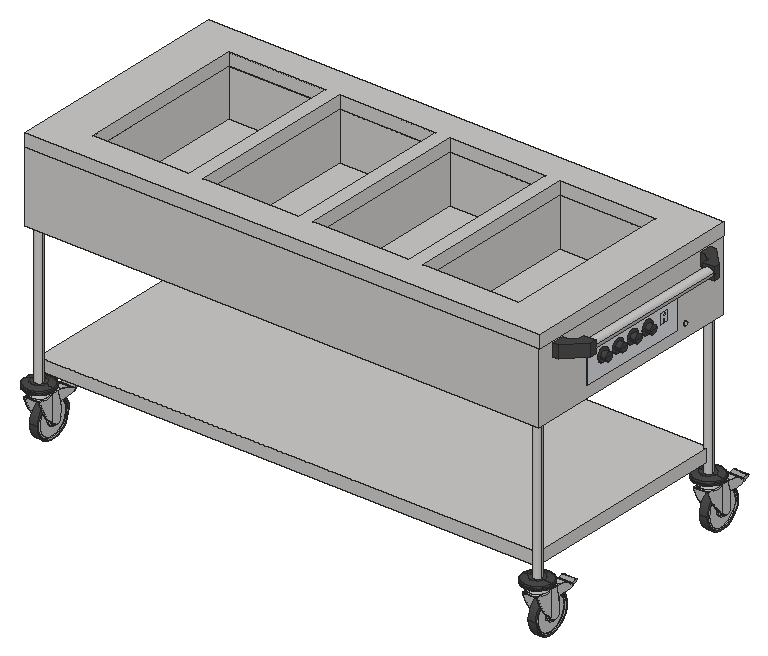
Revit family "QF_BOURGEAT_4GN_bain_marie mobile_sans_etuve_cuve_separees", category Equipement spécialisé, Revit 2015
Parameters (values of type "commandes_petit_cote")
  lg_barre_transport = 635 mm
  commande_petit_cote = yes
  commande_grand_cote = no
  URL catalogue = "http://www.bourgeat.fr"
  URL = ""
  Type de Raccord Electrique = ""
  Type article = ""
  Tension = 230 V
  Spécification du Fabricant = "bain-marie mobiles"
  Remarques Plomberie = ""
  Remarques Electricité = ""
  Puissance électrique  = 2800 W
  Profondeur hors tout = 691 mm
  Poids net à vide = 75.00 kg
  Phase = 2
  Nature isolant = "30mm laine de roche"
  Modèle = "872014"
  Longueur hors tout = 1663 mm
  Intensité nominale = 12.1739 A
  Indice de protection = "33"
  Hauteur hors tout = 900 mm
  Fréquence = 50 Hz
  Fabricant = "BOURGEAT"
  Diamètre de Raccordement Evacuation = 26.7 mm
  Contact SAV = "0033(0)4.76.32.14.44"
  Charge max = 120.00 kg
Types (3, lengths in mm): name | lg_barre_transport | commande_petit_cote | commande_grand_cote | Profondeur hors tout | Poids net à vide | Modèle | Longueur hors tout | Charge max
  (no name) | 635 | yes | no | 691 | 75.00 kg | "872014" | 1663 | 120.00 kg
  commandes_petit_cote | 635 | yes | no | 691 | 75.00 kg | "872014" | 1663 | 120.00 kg
  commande_grand_cote | 566 | no | yes | 747 | 120.00 kg | "872314" | 1608 | 70.00 kg
Reference planes
  plane 1 "Centre (avant/arrière)": y = 0
  plane 2: z = 0
  plane 3 "Centre (gauche/droite)": x = 0
  plane 4: z = 856
  plane 5: z = 797.5
Forms (mm)
  Extrusion 1, solid, visible <- "commande_grand_cote"
    sketch origin (0, 0, 0) x (1, 0, 0) y (0, 0, 1)
      loop
        circle (566.935, 674.981) r 5
    from 373.5 to 371.5
  Extrusion 2, solid, visible <- "commande_petit_cote"
    sketch origin (0, 0, 0) x (0, 1, 0) y (0, 0, 1)
      loop
        circle (215.209, 678.348) r 5
    from 831.5 to 835.744
Dimensions and locks
  nested 5 to nested 3 = 291.5 mm
  aligned and locked: level to plane 2
  aligned and locked: plane 4 to nested 1
  aligned and locked: plane 1 "Centre (avant/arrière)" to nested 1
  aligned and locked: nested 1 to nested 2
  aligned and locked: nested 2 to plane 5
  aligned and locked: plane 5 to nested 3
  aligned and locked: nested 1 to nested 4
  aligned and locked: nested 6 to nested 4
  aligned and locked: nested 1 to nested 6
  aligned and locked: nested 3 to Extrusion 1
  aligned and locked: nested 1 to Extrusion 2
Nested families
  nested 1: "supports+barre_transport" at (831.5, 0, 816) x (0, -1, 0) z (0, 0, 1), visible <- "commande_petit_cote", type "supports+barre_transport"
  nested 2: "interface" at (833.5, 0, 735.5) x (0, 1, 0) z (0, 0, 1), visible <- "commande_petit_cote", type "interface"
  nested 3: "interface" at (358, -373.5, 735.5), visible <- "commande_grand_cote", type "interface"
  nested 4: "4GN_cuve_separée" at (0, 0, 862.5), type "4GN_cuve_separée"
    with longueur 1663 mm
  nested 5: "4GN_chariot" at (0, 0, 0), type "4GN_chariot"
  nested 6: "supports+barre_transport_grand_cote_GN4" at (0, -371.5, 816) x (-1, 0, 0) z (0, 0, 1), visible <- "commande_grand_cote", type "supports+barre_transport_grand_cote_GN4"
    with lg_barre_transport 1326 mm, lg_barre 1206 mm
Connectors
  electrical at (566.935, -373.5, 674.981), driven by "Tension"
    settings: on Extrusion 1, index 1, voltage 230 V, apparent load 0 VA, apparent load phase1 2800 VA, apparent load phase2 0 VA, apparent load phase3 0 VA, power factor 1, load classification "Autre", number of poles 1, system type 30, power factor state 1, is connector primary yes, connector utility no, sub classification motor no, connector description ""
  electrical at (835.744, 215.209, 678.348), driven by "Tension"
    settings: on Extrusion 2, index 2, voltage 230 V, apparent load 0 VA, apparent load phase1 2800 VA, apparent load phase2 0 VA, apparent load phase3 0 VA, power factor 1, load classification "Autre", number of poles 1, system type 30, power factor state 1, is connector primary no, connector utility no, sub classification motor no, connector description ""
  piping at (532.5, 226.5, 633), diameter 20
    settings: on nested 5, index 3, connector inside diameter 609.6 mm, connector length 0 mm, flow factor 0, pipe flow 0.0 L/s, pressure drop 0.0 Pa, fitting loss kfactor 0, connector angle 0.00°, fixture units 0, engagement length 0 mm, angle of deflection 0.00°, flow configuration 0, flow direction 2, fitting loss method 0, system type 19, joint type 0, gender type 0, connector reference index -1, connector utility 0, adjustable connector no, is connector primary yes, connector description ""
  piping at (177.5, 226.5, 633), diameter 20
    settings: on nested 5, index 4, connector inside diameter 609.6 mm, connector length 0 mm, flow factor 0, pipe flow 0.0 L/s, pressure drop 0.0 Pa, fitting loss kfactor 0, connector angle 0.00°, fixture units 0, engagement length 0 mm, angle of deflection 0.00°, flow configuration 0, flow direction 2, fitting loss method 0, system type 19, joint type 0, gender type 0, connector reference index -1, connector utility 0, adjustable connector no, is connector primary no, connector description ""
  piping at (-177.5, 226.5, 633), diameter 20
    settings: on nested 5, index 5, connector inside diameter 609.6 mm, connector length 0 mm, flow factor 0, pipe flow 0.0 L/s, pressure drop 0.0 Pa, fitting loss kfactor 0, connector angle 0.00°, fixture units 0, engagement length 0 mm, angle of deflection 0.00°, flow configuration 0, flow direction 2, fitting loss method 0, system type 19, joint type 0, gender type 0, connector reference index -1, connector utility 0, adjustable connector no, is connector primary no, connector description ""
  piping at (-532.5, 226.5, 633), diameter 20
    settings: on nested 5, index 6, connector inside diameter 609.6 mm, connector length 0 mm, flow factor 0, pipe flow 0.0 L/s, pressure drop 0.0 Pa, fitting loss kfactor 0, connector angle 0.00°, fixture units 0, engagement length 0 mm, angle of deflection 0.00°, flow configuration 0, flow direction 2, fitting loss method 0, system type 19, joint type 0, gender type 0, connector reference index -1, connector utility 0, adjustable connector no, is connector primary no, connector description ""
Definition of nested family "supports+barre_transport"
  Parameters (values of type "supports+barre_transport")
    lg_barre_transport = 635 mm
    lg_barre = lg_barre_transport - 120 mm  # 515 mm
  Reference planes
    plane 1 "Centre (avant/arrière)": y = 0
    plane 2: z = 0
    plane 3 "Centre (gauche/droite)": x = 0
    plane 4: x = -317.5
    plane 5: x = 317.5
    plane 6: y = 57.5
  Dimensions and locks
    "lg_barre_transport": plane 4 to plane 5
    equal spacing: plane 4, plane 3 "Centre (gauche/droite)", plane 5
    aligned and locked: level to plane 2
    aligned and locked: nested 1 to plane 4
    aligned and locked: plane 6 to nested 1
    aligned and locked: nested 3 to plane 6
    aligned and locked: nested 2 to plane 5
    aligned and locked: nested 3 to plane 3 "Centre (gauche/droite)"
    aligned and locked: nested 3 to nested 1
  Nested families
    nested 1: "support barre" at (-317.5, 0, 0), type "support barre"
    nested 2: "support barre" at (317.5, 0, 0) x (-1, 0, 0) z (0, 0, 1), type "support barre"
    nested 3: "barre" at (-257.5, 57.5, 20) x (0, 1, 0) z (0, 0, 1), type "barre"
  Definition of nested family "support barre"
    Reference planes
      plane 1 "Centre (avant/arrière)": y = 0
      plane 2: z = 0
      plane 3 "Centre (gauche/droite)": x = 0
      plane 4: y = 76
      plane 5: x = 78
      plane 6: y = 19
      plane 7: x = 60
      plane 8: through (0, 19, 1200) normal (-0.6887, 0.725, 0)
      plane 9: x = 40
      plane 10: z = 40
      plane 11: y = 57.5
      plane 12: z = 20
    Forms (mm)
      Extrusion 1, solid
        sketch origin (0, 0, 0) x (1, 0, 0) y (0, 1, 0)
          loop
            line (0, 0) -> (40, 0) -> (40, 19) -> (60, 39) -> (78, 39) -> (78, 76) -> (60, 76) -> (0, 19) -> (0, 0)
        from 0 to 40
      Extrusion 2, void
        sketch origin (0, 0, 0) x (0, 1, 0) y (0, 0, 1)
          loop
            circle (57.5, 20) r 15
        from 60 to 250
    Cuts and joins
      Extrusion 2 cuts Extrusion 1
    Dimensions and locks
      plane 1 "Centre (avant/arrière)" to plane 4 = 76 mm
      plane 3 "Centre (gauche/droite)" to plane 5 = 78 mm
      aligned and locked: level to plane 2
      aligned and locked: plane 10 to Extrusion 1
      aligned and locked: plane 12 to Extrusion 2 sketch curve
      aligned and locked: Extrusion 2 to plane 7
  Definition of nested family "barre"
    Parameters (values of type "barre")
      lg_barre = 515 mm
    Reference planes
      plane 1 "Centre (avant/arrière)": y = 0
      plane 2: z = 0
      plane 3 "Centre (gauche/droite)": x = 0
      plane 4: y = -515
      plane 5: y = -257.5
    Forms (mm)
      Extrusion 1, solid
        sketch origin (0, 0, 0) x (1, 0, 0) y (0, 0, 1)
          loop
            circle (0, 0) r 15
        from 0 to 515
    Dimensions and locks
      "lg_barre": plane 4 to plane 1 "Centre (avant/arrière)"
      equal spacing: plane 4, plane 5, plane 1 "Centre (avant/arrière)"
      aligned and locked: level to plane 2
      aligned and locked: Extrusion 1 to plane 4
    Automatic sketch dimensions
      Extrusion 1 sketch curve to level = 0 mm
      Extrusion 1 sketch curve to plane 3 "Centre (gauche/droite)" = 0 mm
      radius of Extrusion 1 sketch curve = 15 mm
Definition of nested family "interface"
  Reference planes
    plane 1 "Centre (avant/arrière)": y = 0
    plane 2: z = 0
    plane 3 "Centre (gauche/droite)": x = 0
    plane 4: x = 180
    plane 5: x = -180
    plane 6: z = 62
    plane 7: z = -62
    plane 8: x = -119
    plane 9: x = -59
    plane 10: x = 138
    plane 11: x = 113
    plane 12: z = 15.5
    plane 13: z = -15.5
    plane 14: y = 2
    plane 15: x = 60
  Forms (mm)
    Extrusion 1, solid
      sketch origin (0, 0, 0) x (1, 0, 0) y (0, 0, 1)
        loop
          line (-180, 62) -> (-180, -62) -> (180, -62) -> (180, 62) -> (-180, 62)
      from 0 to -2
  Dimensions and locks
    plane 14 to plane 1 "Centre (avant/arrière)" = 2 mm
    plane 9 to plane 8 = 60 mm
    aligned and locked: level to plane 2
    aligned and locked: Extrusion 1 sketch curve to plane 6
    aligned and locked: Extrusion 1 sketch curve to plane 5
    aligned and locked: Extrusion 1 sketch curve to plane 7
    aligned and locked: Extrusion 1 sketch curve to plane 4
    aligned and locked: Extrusion 1 to plane 14
    aligned and locked: nested 1 to plane 1 "Centre (avant/arrière)"
    aligned and locked: nested 1 to plane 10
    aligned and locked: plane 12 to nested 1
    aligned and locked: nested 2 to Extrusion 1
    aligned and locked: nested 3 to Extrusion 1
    aligned and locked: nested 3 to plane 9
    aligned and locked: nested 4 to plane 3 "Centre (gauche/droite)"
    aligned and locked: plane 15 to nested 5
  Nested families
    nested 1: "switch" at (125.5, 0, -15.5) x (-1, 0, 0) z (0, 0, 1), type "switch"
    nested 2: "bouton_rond" at (-119, 0, 0) x (-1, 0, 0) z (0, 0, 1), type "bouton_rond"
    nested 3: "bouton_rond" at (-59, 0, 0) x (-1, 0, 0) z (0, 0, 1), type "bouton_rond"
    nested 4: "bouton_rond" at (0, 0, 0) x (-1, 0, 0) z (0, 0, 1), type "bouton_rond"
    nested 5: "bouton_rond" at (60, 0, 0) x (-1, 0, 0) z (0, 0, 1), type "bouton_rond"
  Definition of nested family "switch"
    Reference planes
      plane 1 "Centre (avant/arrière)": y = 0
      plane 2: z = 0
      plane 3 "Centre (gauche/droite)": x = 0
      plane 4: y = 5
      plane 5: y = 1
      plane 6: z = 31
      plane 7: x = 12.5
      plane 8: x = -12.5
      plane 9: z = 25.177
    Forms (mm)
      Extrusion 1, solid
        sketch origin (0, 0, 0) x (0, 1, 0) y (0, 0, 1)
          loop
            line (0, 0) -> (1, 0) -> (2.152, 31) -> (0, 31) -> (0, 0)
        from -12.5 to 12.5
      Extrusion 2, solid
        sketch origin (0, 0, 4.291) x (1, 0, 0) y (0, 0, 1)
          loop
            circle (0, 20.886) r 3.186
          loop
            line (1.701, -1.363) -> (1.701, 7.758) -> (-1.378, 7.758) -> (-1.378, -1.363) -> (1.701, -1.363)
        from 0 to -2.244
    Dimensions and locks
      plane 6 to plane 2 = 31 mm
      aligned and locked: level to plane 2
      aligned and locked: plane 5 to Extrusion 1 sketch curve
      aligned and locked: plane 6 to Extrusion 1
      aligned and locked: plane 8 to Extrusion 1
      aligned and locked: plane 7 to Extrusion 1
      aligned and locked: plane 3 "Centre (gauche/droite)" to Extrusion 2 sketch curve
      aligned and locked: plane 9 to Extrusion 2
  Definition of nested family "bouton_rond"
    Reference planes
      plane 1 "Centre (avant/arrière)": y = 0
      plane 2: z = 0
      plane 3 "Centre (gauche/droite)": x = 0
      plane 4: y = 2
      plane 5: y = 21
      plane 6: x = -21.5
      plane 7: x = -12.5
    Forms (mm)
      Revolve 1, solid
        sketch origin (0, 0, 0) x (1, 0, 0) y (0, 1, 0)
          loop
            line (0, 0) -> (0, 21) -> (-12.5, 21) -> (-12.5, 2) -> (-21.5, 2) -> (-21.5, 0) -> (0, 0)
          axis (0, 21) -> (0, 0)
        angle from 0 to 360
    Dimensions and locks
      aligned and locked: level to plane 2
Definition of nested family "4GN_cuve_separée"
  Parameters (values of type "4GN_cuve_separée")
    longueur = 1560 mm
    largeur = 743 mm
  Reference planes
    plane 1 "Centre (avant/arrière)": y = 0
    plane 2: z = 0
    plane 3 "Centre (gauche/droite)": x = 0
    plane 4: x = 780
    plane 5: x = -780
    plane 6: y = 371.5
    plane 7: y = -371.5
    plane 8: x = -332
    plane 9: x = 688
    plane 10: x = -22
    plane 11: x = 378
    plane 12: y = 276
    plane 13: y = -276
    plane 14: x = -355
    plane 15: x = 533
    plane 16: z = 40
    plane 17: z = -170
    plane 18: y = 226.5
    plane 19: y = -287
    plane 20: x = 697
    plane 21: x = -12
    plane 22: x = 178
    plane 23: x = 333
    plane 24: x = 23
    plane 25: x = 342
    plane 26: x = -341
    plane 27: x = -177
    plane 28: x = -532.502
    plane 29: x = -697.002
  Forms (mm)
    Extrusion 1, solid
      sketch origin (0, 0, 0) x (1, 0, 0) y (0, 1, 0)
        loop
          line (-780, 371.5) -> (-780, -371.5) -> (780, -371.5) -> (780, 371.5) -> (-780, 371.5)
        loop
          line (-285.767, 276) -> (-285.767, -276) -> (-200, -276) -> (-200, 276) -> (-285.767, 276)
        loop
          line (378, -276) -> (688, -276) -> (688, 276) -> (378, 276) -> (378, -276)
        loop
          line (23, -276) -> (155, -276) -> (155, 276) -> (23, 276) -> (23, -276)
      from 0 to 40
    Extrusion 2, solid
      sketch origin (15.873, -2.105, 0) x (1, 0, 0) y (0, 1, 0)
        loop
          line (-356.873, 289.21) -> (-356.873, -284.895) -> (-27.873, -284.895) -> (-27.873, 289.21) -> (-356.873, 289.21)
        loop
          line (354.24, 287.105) -> (354.24, -284.895) -> (681.127, -284.895) -> (681.127, 287.105) -> (354.24, 287.105)
        loop
          line (-1.873, 287.105) -> (-1.873, -284.895) -> (326.127, -284.895) -> (326.127, 287.105) -> (-1.873, 287.105)
        loop
          line (-712.875, 289.21) -> (-712.875, -284.895) -> (-382.875, -284.895) -> (-382.875, 289.21) -> (-712.875, 289.21)
      from 0 to -170
    Extrusion 3, void
      sketch origin (0, 0, 0) x (1, 0, 0) y (0, 1, 0)
        loop
          line (-332, 276) -> (-332, -276) -> (-22, -276) -> (-22, 276) -> (-332, 276)
        loop
          line (378, 276) -> (378, -276) -> (688, -276) -> (688, 276) -> (378, 276)
        loop
          line (23, 276) -> (23, -276) -> (333, -276) -> (333, 276) -> (23, 276)
        loop
          line (-688.002, 276) -> (-688.002, -276) -> (-377.002, -276) -> (-377.002, 276) -> (-688.002, 276)
      from 76.929 to -155.016
    Extrusion 4, void
      sketch origin (0, 0, 0) x (1, 0, 0) y (0, 1, 0)
        loop
          circle (-532.502, 226.5) r 25
        loop
          circle (533, 226.5) r 25
        loop
          circle (-177, 226.5) r 25
        loop
          circle (178, 226.5) r 25
      from -346.977 to 250
  Cuts and joins
    Extrusion 3 cuts Extrusion 1
    Extrusion 3, Extrusion 4 cuts Extrusion 2
  Dimensions and locks
    "largeur": plane 6 to plane 7
    "longueur": plane 5 to plane 4
    equal spacing: plane 5, plane 3 "Centre (gauche/droite)", plane 4
    equal spacing: plane 6, plane 1 "Centre (avant/arrière)", plane 7
    locked: plane 8 to plane 10 at 310
    Extrusion 2 sketch curve to plane 13 = 11 mm
    locked: cut or joined group of Extrusion 2, Extrusion 3, Extrusion 4 to plane 12 at 11.105
    locked: plane 19 to cut or joined group of Extrusion 1, Extrusion 3 at 11
    locked: plane 9 to plane 20 at 9
    plane 3 "Centre (gauche/droite)" to plane 15 = 533 mm
    locked: plane 15 to plane 9 at 155
    plane 11 to plane 9 = 310 mm
    plane 24 to plane 23 = 310 mm
    plane 3 "Centre (gauche/droite)" to plane 22 = 178 mm
    cut or joined group of Extrusion 2, Extrusion 3, Extrusion 4 to plane 24 = 9 mm
    locked: plane 23 to plane 25 at 9
    locked: plane 23 to plane 11 at 45
    plane 26 to plane 8 = 9 mm
    plane 27 to plane 3 "Centre (gauche/droite)" = 177 mm
    plane 28 to plane 3 "Centre (gauche/droite)" = 532.502 mm
    plane 10 to plane 24 = 45 mm
    equal spacing: cut or joined group of Extrusion 1, Extrusion 3, plane 28, cut or joined group of Extrusion 1, Extrusion 3
    equal spacing: cut or joined group of Extrusion 1, Extrusion 3, plane 27, cut or joined group of Extrusion 1, Extrusion 3
    equal spacing: cut or joined group of Extrusion 1, Extrusion 3, plane 22, cut or joined group of Extrusion 1, Extrusion 3
    equal spacing: cut or joined group of Extrusion 1, Extrusion 3, plane 15, cut or joined group of Extrusion 1, Extrusion 3
    cut or joined group of Extrusion 1, Extrusion 3 to cut or joined group of Extrusion 1, Extrusion 3 = 311 mm
    plane 29 to cut or joined group of Extrusion 1, Extrusion 3 = 9 mm
    cut or joined group of Extrusion 1, Extrusion 3 to plane 18 = 145 mm
    aligned and locked: level to plane 2
    aligned and locked: Extrusion 1 to plane 16
    aligned and locked: Extrusion 1 sketch curve to plane 12  (x2)
    aligned and locked: Extrusion 1 sketch curve to plane 13
    aligned and locked: plane 13 to Extrusion 1 sketch curve
    aligned and locked: Extrusion 1 sketch curve to plane 11
    aligned and locked: Extrusion 1 sketch curve to plane 9
    aligned and locked: Extrusion 2 to plane 17
    aligned and locked: plane 2 to Extrusion 2
    aligned and locked: Extrusion 3 sketch curve to plane 12
    aligned and locked: plane 8 to Extrusion 3 sketch curve
    aligned and locked: Extrusion 3 sketch curve to Extrusion 1  (x2)
    aligned and locked: plane 10 to Extrusion 3 sketch curve
    aligned and locked: plane 11 to Extrusion 3 sketch curve
    aligned and locked: Extrusion 3 sketch curve to plane 13
    aligned and locked: plane 9 to Extrusion 3 sketch curve
    aligned and locked: plane 19 to cut or joined group of Extrusion 2, Extrusion 3, Extrusion 4  (x3)
    aligned and locked: cut or joined group of Extrusion 1, Extrusion 3 to plane 12
    aligned and locked: plane 20 to cut or joined group of Extrusion 2, Extrusion 3, Extrusion 4
    aligned and locked: Extrusion 2 sketch curve to plane 21
    aligned and locked: plane 18 to Extrusion 4 sketch curve  (x3)
    aligned and locked: plane 23 to cut or joined group of Extrusion 1, Extrusion 3
    aligned and locked: plane 23 to cut or joined group of Extrusion 2, Extrusion 3, Extrusion 4
    aligned and locked: cut or joined group of Extrusion 1, Extrusion 3 to plane 23  (x4)
    aligned and locked: cut or joined group of Extrusion 1, Extrusion 3 to plane 24
    aligned and locked: plane 24 to cut or joined group of Extrusion 2, Extrusion 3, Extrusion 4
    aligned and locked: plane 25 to cut or joined group of Extrusion 2, Extrusion 3, Extrusion 4
    aligned and locked: cut or joined group of Extrusion 2, Extrusion 3, Extrusion 4 to plane 26
    aligned and locked: plane 28 to Extrusion 4 sketch curve
    aligned and locked: plane 27 to Extrusion 4 sketch curve
    aligned and locked: plane 22 to Extrusion 4 sketch curve
    aligned and locked: cut or joined group of Extrusion 2, Extrusion 3, Extrusion 4 to plane 29
  Automatic sketch dimensions
    Extrusion 1 sketch curve to plane 5 = 0 mm
    plane 8 to Extrusion 1 sketch curve = 46.233 mm
    plane 10 to Extrusion 1 sketch curve = 178 mm
    Extrusion 1 sketch curve to plane 12 = 0 mm
    plane 13 to Extrusion 1 sketch curve = 0 mm
    Extrusion 1 sketch curve to plane 4 = 0 mm
    Extrusion 1 sketch curve to plane 7 = 0 mm
    Extrusion 1 sketch curve to plane 6 = 0 mm
    plane 21 to Extrusion 1 sketch curve = 35 mm
    Extrusion 1 sketch curve to plane 11 = 223 mm
    Extrusion 2 sketch curve to plane 19 = 0 mm
    Extrusion 2 sketch curve to plane 26 = 0 mm
    plane 19 to Extrusion 2 sketch curve = 0 mm  (x2)
    Extrusion 2 sketch curve to plane 25 = 0 mm
    Extrusion 2 sketch curve to plane 20 = 0 mm
    plane 14 to Extrusion 2 sketch curve = 12.002 mm
    plane 12 to Extrusion 2 sketch curve = 11.105 mm  (x2)
    Extrusion 2 sketch curve to plane 5 = 82.998 mm
    plane 24 to Extrusion 2 sketch curve = 9 mm
    Extrusion 2 sketch curve to plane 11 = 7.887 mm
    plane 12 to Extrusion 2 sketch curve = 9 mm  (x2)
    Extrusion 3 sketch curve to plane 12 = 0 mm  (x2)
    Extrusion 3 sketch curve to plane 13 = 0 mm
    Extrusion 3 sketch curve to plane 24 = 0 mm
    Extrusion 3 sketch curve to plane 23 = 0 mm
    plane 13 to Extrusion 3 sketch curve = 0 mm
    plane 14 to Extrusion 3 sketch curve = 22.002 mm
    Extrusion 3 sketch curve to plane 5 = 91.998 mm
    Extrusion 4 sketch curve to plane 15 = 0 mm
    plane 18 to Extrusion 4 sketch curve = 0 mm
    radius of Extrusion 4 sketch curve = 25 mm  (x4)
Definition of nested family "4GN_chariot"
  Parameters (values of type "4GN_chariot")
    longueur = 1659 mm
    largeur = 743 mm
  Reference planes
    plane 1 "Centre (avant/arrière)": y = 0
    plane 2: z = 0
    plane 3 "Centre (gauche/droite)": x = 0
    plane 4: x = 804.5
    plane 5: x = -804.5
    plane 6: y = 345.5
    plane 7: y = -345.5
    plane 8: z = 182
    plane 9: z = 633
    plane 10: y = 371.5
    plane 11: y = -371.5
    plane 12: x = 829.5
    plane 13: x = -829.5
    plane 14: z = 862.5
    plane 15: z = 212
    plane 16: z = 252
    plane 17: y = 226.5
    plane 18: z = 692.5
    plane 19: x = -532.5
    plane 20: x = -177.5
    plane 21: x = 177.5
    plane 22: x = 532.5
  Forms (mm)
    Extrusion 1, solid
      sketch origin (0, 0, 0) x (1, 0, 0) y (0, 1, 0)
        loop
          circle (-804.5, 345.5) r 12.5
        loop
          circle (-804.5, -345.5) r 12.5
        loop
          circle (804.5, -345.5) r 12.5
        loop
          circle (804.5, 345.5) r 12.5
      from 182 to 633
    Extrusion 2, solid
      sketch origin (0, 0, 0) x (1, 0, 0) y (0, 1, 0)
        loop
          line (-829.5, 371.5) -> (-829.5, -371.5) -> (829.5, -371.5) -> (829.5, 371.5) -> (-829.5, 371.5)
      from 633 to 862.5
    Extrusion 3, void
      sketch origin (0, 0, 0) x (1, 0, 0) y (0, 1, 0)
        loop
          line (-804.5, 345.5) -> (-804.5, -345.5) -> (804.5, -345.5) -> (804.5, 345.5) -> (-804.5, 345.5)
      from 692.5 to 959.473
    Extrusion 4, solid
      sketch origin (0, 0, 0) x (1, 0, 0) y (0, 1, 0)
        loop
          arc (-804.5, -333) -> (-795.661, -336.661) -> (-792, -345.5) r 12.5
          line (-792, -345.5) -> (792, -345.5)
          arc (792, -345.5) -> (795.661, -336.661) -> (804.5, -333) r 12.5
          line (804.5, -333) -> (804.5, 333)
          arc (804.5, 333) -> (795.661, 336.661) -> (792, 345.5) r 12.5
          line (792, 345.5) -> (-792, 345.5)
          arc (-792, 345.5) -> (-795.661, 336.661) -> (-804.5, 333) r 12.5
          line (-804.5, 333) -> (-804.5, -333)
      from 212 to 252
    Extrusion 5, void
      sketch origin (0, 0, 0) x (1, 0, 0) y (0, 1, 0)
        loop
          circle (-532.5, 226.5) r 25
        loop
          circle (532.5, 226.5) r 25
        loop
          circle (-177.5, 226.5) r 25
        loop
          circle (177.5, 226.5) r 25
      from 527.563 to 948.643
  Cuts and joins
    Extrusion 3 cuts Extrusion 1
    Extrusion 3, Extrusion 5 cuts Extrusion 2
    Extrusion 5 cuts Extrusion 4
  Dimensions and locks
    "largeur": plane 10 to plane 11
    equal spacing: plane 10, plane 1 "Centre (avant/arrière)", plane 11
    equal spacing: plane 13, plane 3 "Centre (gauche/droite)", plane 12
    "longueur": plane 13 to plane 12
    plane 10 to plane 17 = 145 mm
    plane 14 to plane 18 = 170 mm
    locked: plane 13 to plane 5 at 25
    locked: plane 4 to plane 12 at 25
    locked: plane 10 to plane 6 at 26
    locked: plane 11 to plane 7 at 26
    plane 13 to plane 19 = 297 mm
    plane 22 to cut or joined group of Extrusion 2, Extrusion 3, Extrusion 5 = 297 mm
    locked: plane 21 to plane 22 at 355
    locked: plane 20 to plane 21 at 355
    locked: plane 19 to plane 20 at 355
    plane 19 to plane 3 "Centre (gauche/droite)" = 532.5 mm
    plane 20 to plane 3 "Centre (gauche/droite)" = 177.5 mm
    aligned and locked: level to plane 2
    aligned and locked: Extrusion 1 to plane 9
    aligned and locked: Extrusion 1 to plane 8
    aligned and locked: Extrusion 2 sketch curve to plane 11
    aligned and locked: Extrusion 2 sketch curve to plane 12
    aligned and locked: Extrusion 2 sketch curve to plane 13
    aligned and locked: Extrusion 2 sketch curve to plane 10
    aligned and locked: Extrusion 2 to plane 14
    aligned and locked: Extrusion 2 to plane 9
    aligned and locked: nested 1 to Extrusion 3 sketch curve
    aligned and locked: Extrusion 3 sketch curve to plane 5
    aligned and locked: Extrusion 3 sketch curve to nested 3
    aligned and locked: Extrusion 3 sketch curve to plane 4
    aligned and locked: Extrusion 4 sketch curve to plane 6
    aligned and locked: Extrusion 4 sketch curve to plane 5
    aligned and locked: Extrusion 4 sketch curve to plane 7
    aligned and locked: Extrusion 4 sketch curve to plane 4
    aligned and locked: Extrusion 4 to plane 16
    aligned and locked: Extrusion 4 to plane 15
    aligned and locked: cut or joined group of Extrusion 2, Extrusion 3, Extrusion 5 to plane 18
    aligned and locked: nested 1 to plane 5
    aligned and locked: nested 4 to plane 5
    aligned and locked: plane 4 to nested 2
    aligned and locked: plane 4 to nested 3
    aligned and locked: plane 17 to Extrusion 5 sketch curve  (x4)
    aligned and locked: plane 10 to cut or joined group of Extrusion 2, Extrusion 3, Extrusion 5  (x2)
    aligned and locked: cut or joined group of Extrusion 2, Extrusion 3, Extrusion 5 to plane 11
    aligned and locked: nested 1 to plane 6
    aligned and locked: nested 4 to plane 7
    aligned and locked: plane 7 to nested 3
    aligned and locked: plane 19 to Extrusion 5 sketch curve
    aligned and locked: plane 22 to Extrusion 5 sketch curve
    aligned and locked: Extrusion 5 sketch curve to plane 20
    aligned and locked: Extrusion 5 sketch curve to plane 21
    aligned and locked: nested 2 to plane 6
  Automatic sketch dimensions
    Extrusion 1 sketch curve to plane 5 = 0 mm  (x2)
    Extrusion 1 sketch curve to plane 4 = 0 mm  (x2)
    plane 7 to Extrusion 1 sketch curve = 0 mm  (x2)
    Extrusion 1 sketch curve to plane 6 = 0 mm  (x2)
    Extrusion 4 sketch curve to plane 5 = 12.5 mm
    Extrusion 4 sketch curve to plane 4 = 12.5 mm
    Extrusion 4 sketch curve to Extrusion 4 sketch curve = 12.5 mm  (x2)
    radius of Extrusion 1 sketch curve = 12.5 mm  (x4)
    radius of Extrusion 5 sketch curve = 25 mm  (x4)
  Nested families
    nested 1: "ROULETTE" at (-804.5, 345.5, 0), type "ROULETTE"
      with Sans frein yes, Avec frein yes
    nested 2: "ROULETTE" at (804.5, 345.5, 0), type "ROULETTE"
      with Sans frein yes, Avec frein yes
    nested 3: "ROULETTE" at (804.5, -345.5, 0), type "ROULETTE"
      with Sans frein yes, Avec frein yes
    nested 4: "ROULETTE" at (-804.5, -345.5, 0), type "ROULETTE"
      with Sans frein yes, Avec frein yes
  Definition of nested family "ROULETTE"
    Parameters (values of type "ROULETTE")
      Sans frein [instance] = yes
      Avec frein [instance] = yes
    Reference planes
      plane 1 "Centre (avant/arrière)": y = 0
      plane 2: z = 0
      plane 3 "Centre (gauche/droite)": x = 0
      plane 4: y = 40.851
      plane 5: z = 62.5
    Forms (mm)
      Extrusion 1, solid
        sketch origin (0, 0, 0) x (0, 1, 0) y (0, 0, 1)
          loop
            circle (40.851, 62.5) r 62.5
          loop
            circle (40.851, 62.5) r 57.5
        from -12.5 to 12.5
      Revolve 2, solid
        sketch origin (0, 0, 30.333) x (1, 0, 0) y (0, 0, 1)
          loop
            line (0, 151.667) -> (-25, 151.667) -> (-45.338, 146.217)
            arc (-45.338, 146.217) -> (-46.897, 145.175) -> (-47.5, 143.4) r 2.917
            line (-47.5, 143.4) -> (-47.5, 138.833)
            arc (-47.5, 138.833) -> (-47.012, 137.655) -> (-45.833, 137.167) r 1.667
            line (-45.833, 137.167) -> (-24.607, 137.167) -> (-24, 132.667) -> (0, 132.667) -> (0, 151.667)
          axis (0, 151.667) -> (0, 132.667)
        angle from 0 to 360
      Revolve 3, solid
        sketch origin (0, 0, 0) x (0, 1, 0) y (0, 0, 1)
          loop
            line (0, 163) -> (-20.149, 163) -> (-20.149, 159.41) -> (-21.6, 159.41)
            arc (-21.6, 159.41) -> (-24.448, 158.65) -> (-26.537, 156.572) r 5.712
            line (-26.537, 156.572) -> (-30.146, 147.743) -> (-26.999, 147.062) -> (-26.999, 146.112)
            arc (-26.999, 146.112) -> (-27.23, 145.314) -> (-27.849, 144.761) r 1.5
            arc (-27.849, 144.761) -> (-29.223, 143.633) -> (-29.923, 142) r 3.75
            line (-29.923, 142) -> (0, 142) -> (0, 163)
          axis (0, 163) -> (0, 142)
        angle from 0 to 360
      Extrusion 4, solid
        sketch origin (0, 0, 0) x (0, 1, 0) y (0, 0, -1)
          loop
            line (-29.974, -138.241) -> (-29.974, -142) -> (21.747, -142) -> (21.747, -60.336)
            arc (21.747, -60.336) -> (10.272, -70.702) -> (-0.149, -82.127) r 160.057
            arc (-0.149, -82.127) -> (-17.883, -108.684) -> (-29.974, -138.241) r 159.585
        from -24.913 to -23.038
      Extrusion 5, solid
        sketch origin (0, 0, 0) x (0, 1, 0) y (0, 0, 1)
          loop
            line (-29.974, 142) -> (-29.974, 140.869) -> (21.747, 140.869) -> (21.747, 142) -> (-29.974, 142)
        from -23.038 to 23.038
      Extrusion 6, solid
        sketch origin (0, 0, 0) x (0, 1, 0) y (0, 0, 1)
          loop
            circle (40.851, 62.5) r 57.5
          loop
            circle (40.851, 62.5) r 55
        from -12.5 to 12.5
      Extrusion 7, solid
        sketch origin (0, 0, 0) x (0, 1, 0) y (0, 0, 1)
          loop
            circle (40.851, 62.5) r 55
        from -7 to 7
      Extrusion 8, solid
        sketch origin (0, 0, 0) x (0, 1, 0) y (0, 0, 1)
          loop
            circle (40.851, 62.5) r 21
        from 7 to 15
      Extrusion 9, solid
        sketch origin (0, 0, 0) x (0, 1, 0) y (0, 0, -1)
          loop
            circle (40.851, -62.5) r 16
        from -23.038 to -15
      Extrusion 10, solid, visible <- "Sans frein"
        sketch origin (0, 0, 0) x (0, 1, 0) y (0, 0, 1)
          loop
            arc (21.747, 60.336) -> (23.188, 59.17) -> (24.642, 58.02) r 161.23
            arc (24.642, 58.02) -> (29.34, 54.513) -> (34.187, 51.216) r 133.333
            arc (34.187, 51.216) -> (46.517, 50.3) -> (53.927, 60.198) r 12.867
            arc (53.927, 60.198) -> (54.714, 99.183) -> (46.119, 137.216) r 161.222
            arc (46.119, 137.216) -> (45.679, 138.887) -> (45.531, 140.609) r 10.076
            line (45.531, 140.609) -> (45.531, 142) -> (21.747, 142) -> (21.747, 60.336)
        from 23.038 to 24.913
      Extrusion 11, solid, visible <- "Sans frein"
        sketch origin (0, 0, 0) x (0, 1, 0) y (0, 0, 1)
          loop
            line (21.747, 142) -> (21.747, 140.701) -> (48.851, 140.701) -> (48.851, 142) -> (21.747, 142)
        from -23.038 to 23.038
      Extrusion 12, solid, visible <- "Avec frein"
        sketch origin (0, 0, 0) x (0, 1, 0) y (0, 0, 1)
          loop
            line (21.747, 142) -> (21.747, 60.336)
            arc (21.747, 60.336) -> (23.177, 59.179) -> (24.62, 58.038) r 160.008
            arc (24.62, 58.038) -> (29.041, 54.705) -> (33.574, 51.527) r 160
            arc (33.574, 51.527) -> (46.135, 50.422) -> (53.724, 60.491) r 13
            arc (53.724, 60.491) -> (55.279, 82.092) -> (53.902, 103.704) r 160
            arc (53.902, 103.704) -> (55.53, 108.653) -> (60.415, 110.463) r 6
            arc (60.415, 110.463) -> (80.625, 109.924) -> (100.725, 112.107) r 150
            arc (100.725, 112.107) -> (104.408, 113.406) -> (107.479, 115.819) r 12
            line (107.479, 115.819) -> (110.851, 121.523)
            arc (110.851, 121.523) -> (85.913, 134.651) -> (58.706, 142) r 127.902
            line (58.706, 142) -> (21.747, 142)
        from 23.038 to 24.913
      Extrusion 13, solid, visible <- "Avec frein"
        sketch origin (0, 0, 0) x (0, 1, 0) y (0, 0, 1)
          loop
            line (58.706, 142) -> (21.747, 142) -> (21.747, 140) -> (58.552, 140)
            arc (58.552, 140) -> (85.253, 132.762) -> (109.73, 119.866) r 125.902
            line (109.73, 119.866) -> (110.851, 121.523)
            arc (110.851, 121.523) -> (85.913, 134.651) -> (58.706, 142) r 127.902
        from -23.038 to 23.038
      Extrusion 14, solid, visible <- "Avec frein"
        sketch origin (0, 19.896, 18.175) x (0, 1, 0) y (0, 0, 1)
          loop
            line (87.583, 97.644) -> (91.829, 95.227)
            arc (91.829, 95.227) -> (93.8, 95.006) -> (95.312, 96.29) r 2.5
            arc (95.312, 96.29) -> (103.495, 100.002) -> (111.176, 104.666) r 74.999
            line (111.176, 104.666) -> (110.852, 105.929)
            arc (110.852, 105.929) -> (110.04, 107.086) -> (108.666, 107.417) r 2
            arc (108.666, 107.417) -> (101.396, 105.849) -> (94.512, 103.034) r 42.354
            line (94.512, 103.034) -> (93.479, 101.228) -> (93.285, 100.414) -> (91.69, 101.675) -> (90.401, 102.412) -> (87.583, 97.644)
        from -23.038 to 23.038
      Extrusion 15, solid, not visible
        sketch origin (0, 0, 0) x (0, 1, 0) y (0, 0, -1)
          loop
            line (-29.974, -138.241) -> (-29.974, -142) -> (21.747, -142) -> (21.747, -60.336)
            arc (21.747, -60.336) -> (10.272, -70.702) -> (-0.149, -82.127) r 160.057
            arc (-0.149, -82.127) -> (-17.883, -108.684) -> (-29.974, -138.241) r 159.585
        from -24.913 to -23.038
      Extrusion 16, solid, not visible
        sketch origin (0, 0, 0) x (0, 1, 0) y (0, 0, 1)
          loop
            circle (40.851, 62.5) r 21
        from 7 to 15
      Extrusion 17, solid, not visible
        sketch origin (0, 0, 0) x (0, 1, 0) y (0, 0, -1)
          loop
            circle (40.851, -62.5) r 16
        from -23.038 to -15
      Extrusion 18, solid, visible <- "Sans frein", not visible
        sketch origin (0, 0, 0) x (0, 1, 0) y (0, 0, 1)
          loop
            arc (21.747, 60.336) -> (23.188, 59.17) -> (24.642, 58.02) r 161.23
            arc (24.642, 58.02) -> (29.34, 54.513) -> (34.187, 51.216) r 133.333
            arc (34.187, 51.216) -> (46.517, 50.3) -> (53.927, 60.198) r 12.867
            arc (53.927, 60.198) -> (54.714, 99.183) -> (46.119, 137.216) r 161.222
            arc (46.119, 137.216) -> (45.679, 138.887) -> (45.531, 140.609) r 10.076
            line (45.531, 140.609) -> (45.531, 142) -> (21.747, 142) -> (21.747, 60.336)
        from 23.038 to 24.913
      Extrusion 19, solid, visible <- "Avec frein", not visible
        sketch origin (0, 0, 0) x (0, 1, 0) y (0, 0, 1)
          loop
            line (21.747, 142) -> (21.747, 60.336)
            arc (21.747, 60.336) -> (23.177, 59.179) -> (24.62, 58.038) r 160.008
            arc (24.62, 58.038) -> (29.041, 54.705) -> (33.574, 51.527) r 160
            arc (33.574, 51.527) -> (46.135, 50.422) -> (53.724, 60.491) r 13
            arc (53.724, 60.491) -> (55.279, 82.092) -> (53.902, 103.704) r 160
            arc (53.902, 103.704) -> (55.53, 108.653) -> (60.415, 110.463) r 6
            arc (60.415, 110.463) -> (80.625, 109.924) -> (100.725, 112.107) r 150
            arc (100.725, 112.107) -> (104.408, 113.406) -> (107.479, 115.819) r 12
            line (107.479, 115.819) -> (110.851, 121.523)
            arc (110.851, 121.523) -> (85.913, 134.651) -> (58.706, 142) r 127.902
            line (58.706, 142) -> (21.747, 142)
        from 23.038 to 24.913
      Extrusion 20, solid
        sketch origin (0, 0, 0) x (0, -1, 0) y (0, 0, -1)
          loop
            arc (29.974, -138.241) -> (17.883, -108.684) -> (0.149, -82.127) r 159.585
            arc (0.149, -82.127) -> (-10.272, -70.702) -> (-21.747, -60.336) r 160.057
            line (-21.747, -60.336) -> (-21.747, -142) -> (29.974, -142) -> (29.974, -138.241)
        from -24.913 to -23.038
      Extrusion 21, solid
        sketch origin (0, 0, 0) x (0, -1, 0) y (0, 0, 1)
          loop
            circle (-40.851, 62.5) r 21
        from 7 to 15
      Extrusion 22, solid
        sketch origin (0, 0, 0) x (0, -1, 0) y (0, 0, -1)
          loop
            circle (-40.851, -62.5) r 16
        from -23.038 to -15
      Extrusion 23, solid, visible <- "Sans frein"
        sketch origin (0, 0, 0) x (0, -1, 0) y (0, 0, 1)
          loop
            line (-21.747, 60.336) -> (-21.747, 142) -> (-45.531, 142) -> (-45.531, 140.609)
            arc (-45.531, 140.609) -> (-45.679, 138.887) -> (-46.119, 137.216) r 10.076
            arc (-46.119, 137.216) -> (-54.714, 99.183) -> (-53.927, 60.198) r 161.222
            arc (-53.927, 60.198) -> (-46.517, 50.3) -> (-34.187, 51.216) r 12.867
            arc (-34.187, 51.216) -> (-29.34, 54.513) -> (-24.642, 58.02) r 133.333
            arc (-24.642, 58.02) -> (-23.188, 59.17) -> (-21.747, 60.336) r 161.23
        from 23.038 to 24.913
      Extrusion 24, solid, visible <- "Avec frein"
        sketch origin (0, 0, 0) x (0, -1, 0) y (0, 0, 1)
          loop
            line (-21.747, 142) -> (-58.706, 142)
            arc (-58.706, 142) -> (-85.913, 134.651) -> (-110.851, 121.523) r 127.902
            line (-110.851, 121.523) -> (-107.479, 115.819)
            arc (-107.479, 115.819) -> (-104.408, 113.406) -> (-100.725, 112.107) r 12
            arc (-100.725, 112.107) -> (-80.625, 109.924) -> (-60.415, 110.463) r 150
            arc (-60.415, 110.463) -> (-55.53, 108.653) -> (-53.902, 103.704) r 6
            arc (-53.902, 103.704) -> (-55.279, 82.092) -> (-53.724, 60.491) r 160
            arc (-53.724, 60.491) -> (-46.135, 50.422) -> (-33.574, 51.527) r 13
            arc (-33.574, 51.527) -> (-29.041, 54.705) -> (-24.62, 58.038) r 160
            arc (-24.62, 58.038) -> (-23.177, 59.179) -> (-21.747, 60.336) r 160.008
            line (-21.747, 60.336) -> (-21.747, 142)
        from 23.038 to 24.913
    Dimensions and locks
      aligned and locked: level to plane 2
Definition of nested family "supports+barre_transport_grand_cote_GN4"
  Parameters (values of type "supports+barre_transport_grand_cote_GN4")
    lg_barre_transport = 635 mm
    lg_barre = lg_barre_transport - 120 mm  # 515 mm
  Reference planes
    plane 1 "Centre (avant/arrière)": y = 0
    plane 2: z = 0
    plane 3 "Centre (gauche/droite)": x = 0
    plane 4: x = -317.5
    plane 5: x = 317.5
    plane 6: y = 57.5
  Dimensions and locks
    "lg_barre_transport": plane 4 to plane 5
    equal spacing: plane 4, plane 3 "Centre (gauche/droite)", plane 5
    aligned and locked: level to plane 2
    aligned and locked: nested 1 to plane 4
    aligned and locked: plane 6 to nested 1
    aligned and locked: nested 3 to plane 6
    aligned and locked: nested 2 to plane 5
    aligned and locked: nested 3 to plane 3 "Centre (gauche/droite)"
    aligned and locked: nested 3 to nested 1
  Nested families
    nested 1: "support barre" at (-317.5, 0, 0), type "support barre"
    nested 2: "support barre" at (317.5, 0, 0) x (-1, 0, 0) z (0, 0, 1), type "support barre"
    nested 3: "barre" at (-257.5, 57.5, 20) x (0, 1, 0) z (0, 0, 1), type "barre"
  Definition of nested family "support barre"
    Reference planes
      plane 1 "Centre (avant/arrière)": y = 0
      plane 2: z = 0
      plane 3 "Centre (gauche/droite)": x = 0
      plane 4: y = 76
      plane 5: x = 78
      plane 6: y = 19
      plane 7: x = 60
      plane 8: through (0, 19, 1200) normal (-0.6887, 0.725, 0)
      plane 9: x = 40
      plane 10: z = 40
      plane 11: y = 57.5
      plane 12: z = 20
    Forms (mm)
      Extrusion 1, solid
        sketch origin (0, 0, 0) x (1, 0, 0) y (0, 1, 0)
          loop
            line (0, 0) -> (40, 0) -> (40, 19) -> (60, 39) -> (78, 39) -> (78, 76) -> (60, 76) -> (0, 19) -> (0, 0)
        from 0 to 40
      Extrusion 2, void
        sketch origin (0, 0, 0) x (0, 1, 0) y (0, 0, 1)
          loop
            circle (57.5, 20) r 15
        from 60 to 250
    Cuts and joins
      Extrusion 2 cuts Extrusion 1
    Dimensions and locks
      plane 1 "Centre (avant/arrière)" to plane 4 = 76 mm
      plane 3 "Centre (gauche/droite)" to plane 5 = 78 mm
      aligned and locked: level to plane 2
      aligned and locked: plane 10 to Extrusion 1
      aligned and locked: plane 12 to Extrusion 2 sketch curve
      aligned and locked: Extrusion 2 to plane 7
  Definition of nested family "barre"
    Parameters (values of type "barre")
      lg_barre = 515 mm
    Reference planes
      plane 1 "Centre (avant/arrière)": y = 0
      plane 2: z = 0
      plane 3 "Centre (gauche/droite)": x = 0
      plane 4: y = -515
      plane 5: y = -257.5
    Forms (mm)
      Extrusion 1, solid
        sketch origin (0, 0, 0) x (1, 0, 0) y (0, 0, 1)
          loop
            circle (0, 0) r 15
        from 0 to 515
    Dimensions and locks
      "lg_barre": plane 4 to plane 1 "Centre (avant/arrière)"
      equal spacing: plane 4, plane 5, plane 1 "Centre (avant/arrière)"
      aligned and locked: level to plane 2
      aligned and locked: Extrusion 1 to plane 4
    Automatic sketch dimensions
      Extrusion 1 sketch curve to level = 0 mm
      Extrusion 1 sketch curve to plane 3 "Centre (gauche/droite)" = 0 mm
      radius of Extrusion 1 sketch curve = 15 mm
